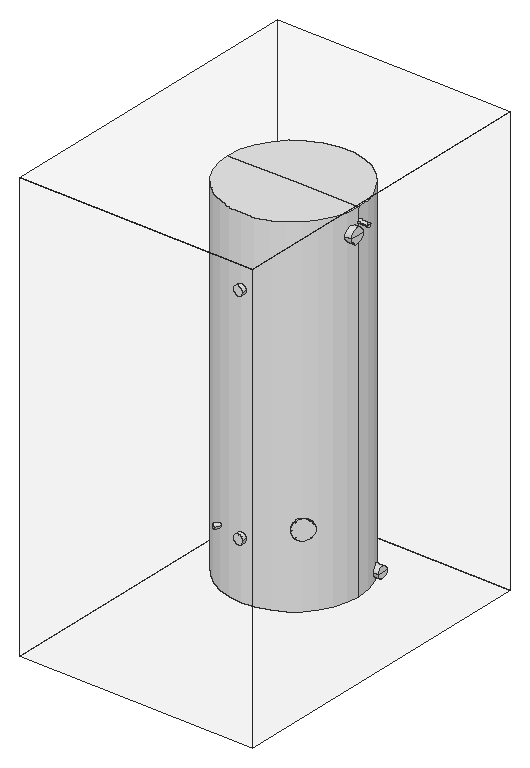
Revit family "ECOflo_EC380-980_LOD200", category Mechanical Equipment, Revit 2014
Parameters (values of type "Direct Gas Fired Water Storage Heater 380/980")
  Weight (Full) (kg) = 788  # constant formula
  Weekly = "Maintenance tasks or SFG2012 codes. If Not Applicable Mark '0'"
  Warranty ID = ""
  Voltage = 240 V
  URL = "http://www.andrewswaterheaters.co.uk/index.htm"
  Type = "Direct Gas Fired Water Storage Heater"  # constant formula
  Supply Phase = "Single Phase"  # constant formula
  Storage Capacity = 380.000 L  # constant formula
  Shipping Weight = 408.00 kg  # constant formula
  Shipping Carton Width = 819 mm  # constant formula
  Shipping Carton Length = 889 mm  # constant formula
  Shipping Carton Height = 2197 mm  # constant formula
  Shape = "Cylindrical (Vertical)"  # constant formula
  Secondary Return Connection Type = "Socket"  # constant formula
  Secondary Return Connection Size = 19.1 mm  # constant formula
  Secondary Return Connection Radius = Secondary Return Connection Size / 2  # 9.55 mm
  Safety Valve Connection Type = "Threaded"  # constant formula
  Safety Valve Connection Size = 28 mm  # constant formula
  Responsible Sourcing of Materials = "Endorsing Body"
  Responsible Extraction of Materials = yes
  Reference Standard = "BSE 89"  # constant formula
  Recovery Rate litre/min = "16"  # constant formula
  Quarterly = "Maintenance tasks or SFG2012 codes. If Not Applicable Mark '0'"
  Product Range = "ECOflo"  # constant formula
  Power Consumption of Shunt Pump = 0 W
  Power Consumption (W) = 210  # constant formula
  Power Connector = yes
  Overall Width = 0 mm  # constant formula
  Overall Length = 0 mm  # constant formula
  Overall Height = 1972 mm  # constant formula
  Overall Diameter = 718 mm  # constant formula
  Operation = "On/Off"  # constant formula
  Oil Flow Rate kg/h = "0"  # constant formula
  Oil Consumption Rate l/h = "0"  # constant formula
  O&M Manual = "http://www.andrewswaterheaters.co.uk/literature-library/current-products.htm"
  Number of Poles = 1
  Nominal Oil Inlet Pressure mbar [instance] = "0"  # constant formula
  Nominal Gas Inlet Pressure = "21"  # constant formula
  Nett Weight = 408.00 kg  # constant formula
  Mounting = "Floor Standing"  # constant formula
  Monthly = "Maintenance tasks required during this time frame. If Not Applicable Mark '0'"
  Model = "EC380/980"  # constant formula
  Minimum Power Consumption = 120 W
  Minimum Oil Inlet Pressure mbar = "0"  # constant formula
  Minimum Gas Inlet Pressure mbar = "18"  # constant formula
  Min Operating Pressure mbar = "1"  # constant formula
  Maximum Water Temperature = 70 °C  # constant formula
  Maximum Starting Current = 4 A
  Maximum Power Consumption = 120 W
  Maximum Oil Inlet Pressure mbar = "0"  # constant formula
  Maximum Gas Inlet Pressure mbar = "40"  # constant formula
  Max Operating Pressure When Unvented = 3.5 bar  # constant formula
  Max Operating Pressure When Open Vented = 10.3 bar  # constant formula
  Material Ingredient Reporting = ""
  Manufacturer = "Andrews Water Heaters"  # constant formula
  Maintenance Required 8001-12000hrs = "Maintenance tasks required during this time frame. If Not Applicable Mark '0'"
  Maintenance Required 601-1000hrs = "Maintenance tasks required during this time frame. If Not Applicable Mark '0'"
  Maintenance Required 40001-8000hrs = "Maintenance tasks required during this time frame. If Not Applicable Mark '0'"
  Maintenance Required 2001-4000hrs = "Maintenance tasks required during this time frame. If Not Applicable Mark '0'"
  Maintenance Required 1001-2000hrs = "Maintenance tasks required during this time frame. If Not Applicable Mark '0'"
  Maintenance Required 0-300hrs = "Maintenance tasks required during this time frame. If Not Applicable Mark '0'"
  Location of Manufacturer-GridRef = "Northing,Easting"
  Load Sub-Classification Motor = yes
  Life Cycle Analysis = "BREEAM"
  Interlocks = yes
  Insulation Type = "Foam Injected"  # constant formula
  Insulation Thickness = 50 mm  # constant formula
  Hot Water Recovery (Thru 50ºC) (Litres/Hour) = 980  # constant formula
  Hot Water Outlet Radius = Hot Water Outlet / 2  # 19.05 mm
  Hot Water Outlet = 38.1 mm  # constant formula
  Heat Up Time mins = "23"  # constant formula
  Heat Loss kWh/24h = "7.09"  # constant formula
  Heat Generator Efficiency = "98%"  # constant formula
  Heat Exchanger Material = Steel Glass Lined
  Gross Weight = 760.00 kg  # constant formula
  Gross Input Of Appliance = 58.3 kW  # constant formula
  Green Guide for Specification = "A - E"
  Gas Flow Rate = 5.43 m³/h  # constant formula
  Gas Consumption rate = 5.43 m³/h  # constant formula
  Fuse Rating = 5 A
  Full Load Current = 3 A
  Fuel Connection Type = "External"  # constant formula
  Fuel Connection Size = 19.1 mm  # constant formula
  Fuel Connection Radius = Fuel Connection Size / 2  # 9.55 mm
  Fuel = "Gas - NG"  # constant formula
  Frequency = 50 Hz
  Flue or Air Intake Classification = "B23, C13, C33 & C53"  # constant formula
  Flue Connection Type = "External"  # constant formula
  Flue Connection Size = 150 mm  # constant formula
  Flow and Return Connection Type = "Threaded"  # constant formula
  Flow and Return Connection Size = 38.1 mm  # constant formula
  Flow and Return Connection Radius = Flow and Return Connection Size / 2  # 19.05 mm
  Finish = "Painted"  # constant formula
  Features = "Forced Draught Premix Condensing"  # constant formula
  External Material = Aluminium
  Expected Life = ""
  ErP Energy Label = yes
  Environmental Product Declaration = "3rd Party Verification"
  Energy Technology List = yes
  Enclosure Rating = "20"  # constant formula
  Emissions mg/kWh = "44"  # constant formula
  Embodied Carbon kgCO2e = "University of Bath ICE Data if none other available"
  Duct Connector Radius [instance] = if([100mm Flue], 50 mm, if([150mm Flue], 75 mm, 0 mm))  # 0 mm
  Efficiency (Gross) (%) = 98  # constant formula
  Drain Connection Type = "Socket"  # constant formula
  Drain Connection Size = 19.1 mm  # constant formula
  Drain Connection Radus = Drain Connection Size / 2  # 9.55 mm
  Description = "Condensing Storage Water Heater"  # constant formula
  Daily = "Maintenance tasks or SFG2012 codes. If Not Applicable Mark '0'"
  Control Type = "Internal"  # constant formula
  Control ThermostatRange = 5 °C  # constant formula
  Continuous Output at 50 Degree Differential l/h = "979"  # constant formula
  Continuous Output at 44 Degree Differential l/h = "1112"  # constant formula
  Condensing = yes
  Condensate Drain Size = 40 mm  # constant formula
  Condensate Drain Radius = Condensate Drain Size / 2  # 20 mm
  Colour = "Black & Grey (RAL 7047)"  # constant formula
  Cold Water Outlet Radius = Cold Water Outlet / 2  # 19.05 mm
  Cold Water Outlet = 38.1 mm  # constant formula
  Clearance Box Visibility [instance] = yes
  Clean Out and Inspection Opening Type = "Flanged"  # constant formula
  CE Approval = "Yes - 0063BP3567"  # constant formula
  Bespoke Timeframe = "Maintenance tasks or SFG2012 codes. If Not Applicable Mark '0'"
  BMS Links = yes
  Assembly Code = "D3010"
  Annually = "Maintenance tasks or SFG2012 codes. If Not Applicable Mark '0'"
  Air Inlet Connection Type = "External"  # constant formula
  Air Inlet Connection Size = 100 mm  # constant formula
  Air Inlet Connection Radius = Air Inlet Connection Size / 2  # 50 mm
  Access Clearance Top = 450 mm  # constant formula
  Access Clearance Right = 500 mm  # constant formula
  Access Clearance Rear = 100 mm  # constant formula
  Access Clearance Left = 100 mm  # constant formula
  Access Clearance Front = 1000 mm  # constant formula
  Access Clearance Bottom = 0 mm  # constant formula
  6 Monthly = "Maintenance tasks or SFG2012 codes. If Not Applicable Mark '0'"
  100mm Flue [instance] = no
  150mm Flue [instance] = no
Reference planes
  plane 1 "Center (Front/Back)": y = 0
  plane 2: z = 0
  plane 3 "Center (Left/Right)": x = 0
  plane 4: x = -359
  plane 5: x = 359
  plane 6: y = 359
  plane 7: y = -359
  plane 8: z = 1972
  plane 9: z = 986
  plane 10: y = 459
  plane 11: y = -1359
  plane 12: x = -459
  plane 13: x = 859
  plane 14: z = 2422
  plane 15: z = 0
Forms (mm)
  Extrusion 1, solid, material "Glass - Clear - Amber", visible <- "Clearance Box Visibility"
    sketch origin (414.198, -1524, 1015) x (0, -1, 0) y (1, 0, 0)
      loop
        line (-1983, -873.198) -> (-165, -873.198) -> (-165, 444.802) -> (-1983, 444.802) -> (-1983, -873.198)
    from -1015 to 1407
Dimensions and locks
  equal spacing: plane 7, plane 1 "Center (Front/Back)", plane 6
  "Overall Diameter": plane 7 to plane 6
  "Overall Diameter": plane 4 to plane 5
  equal spacing: plane 4, plane 3 "Center (Left/Right)", plane 5
  "Overall Height": plane 8 to level
  equal spacing: plane 8, plane 9, level
  "Access Clearance Rear": plane 10 to plane 6
  "Access Clearance Front": plane 11 to plane 7
  "Access Clearance Left": plane 12 to plane 4
  "Access Clearance Right": plane 5 to plane 13
  "Access Clearance Top": plane 14 to plane 8
  "Access Clearance Bottom": level to plane 15
  aligned and locked: level to plane 2
  aligned and locked: plane 3 "Center (Left/Right)" to nested 1
  aligned and locked: level to nested 1
  aligned and locked: plane 12 to Extrusion 1 sketch curve
  aligned and locked: plane 10 to Extrusion 1 sketch curve
  aligned and locked: Extrusion 1 sketch curve to plane 13
  aligned and locked: Extrusion 1 sketch curve to plane 11
  aligned and locked: Extrusion 1 to plane 15
  aligned and locked: plane 14 to Extrusion 1
Nested families
  nested 1: "Condensing Storage Water Heater" at (0, 0, 0), 100mm Flue <- "100mm Flue", 150mm Flue <- "150mm Flue", type "EC380-980"
    with Duct Connector Radius 0 mm, 150mm Flue no, 100mm Flue no
Connectors
  piping at (425.131, 0, 1898.972), diameter 19.1, driven by "Fuel Connection Radius"
    settings: on nested 1, index 1, connector inside diameter 609.6 mm, connector length 0 mm, flow factor 0, pipe flow 0.000 m³/h, pressure drop 0.0 bar, fitting loss kfactor 0, connector angle 0.00°, fixture units 0, engagement length 0 mm, angle of deflection 0.00°, flow configuration 0, flow direction 1, fitting loss method 0, system type 7, joint type 0, gender type 0, connector reference index -1, connector utility 1, adjustable connector no, is connector primary yes, connector description "Gas Connection"
  piping at (400.144, -50, 1857), diameter 100, driven by "Air Inlet Connection Radius"
    settings: on nested 1, index 2, connector inside diameter 609.6 mm, connector length 0 mm, flow factor 0, pipe flow 0.000 m³/h, pressure drop 0.0 bar, fitting loss kfactor 0, connector angle 0.00°, fixture units 0, engagement length 0 mm, angle of deflection 0.00°, flow configuration 0, flow direction 1, fitting loss method 0, system type 7, joint type 0, gender type 0, connector reference index -1, connector utility 1, adjustable connector no, is connector primary no, connector description "Combustion Air Inlet"
  piping at (0, -390, 1588.024), diameter 38.1, driven by "Hot Water Outlet Radius"
    settings: on nested 1, index 3, connector inside diameter 609.6 mm, connector length 0 mm, flow factor 0, pipe flow 0.000 m³/h, pressure drop 0.0 bar, fitting loss kfactor 0, connector angle 0.00°, fixture units 0, engagement length 0 mm, angle of deflection 0.00°, flow configuration 0, flow direction 2, fitting loss method 0, system type 19, joint type 0, gender type 0, connector reference index -1, connector utility 1, adjustable connector no, is connector primary no, connector description "Hot Water Outlet"
  piping at (-157.084, -368.612, 329.951), diameter 19.1, driven by "Secondary Return Connection Radius"
    settings: on nested 1, index 4, connector inside diameter 609.6 mm, connector length 0 mm, flow factor 0, pipe flow 0.000 m³/h, pressure drop 0.0 bar, fitting loss kfactor 0, connector angle 0.00°, fixture units 0, engagement length 0 mm, angle of deflection 0.00°, flow configuration 0, flow direction 2, fitting loss method 0, system type 16, joint type 0, gender type 0, connector reference index -1, connector utility 1, adjustable connector no, is connector primary no, connector description "Drain/Secondary Return Connection"
  piping at (0, -390, 330.224), diameter 38.1, driven by "Cold Water Outlet Radius"
    settings: on nested 1, index 5, connector inside diameter 609.6 mm, connector length 0 mm, flow factor 0, pipe flow 0.000 m³/h, pressure drop 0.0 bar, fitting loss kfactor 0, connector angle 0.00°, fixture units 0, engagement length 0 mm, angle of deflection 0.00°, flow configuration 0, flow direction 2, fitting loss method 0, system type 20, joint type 0, gender type 0, connector reference index -1, connector utility 1, adjustable connector no, is connector primary no, connector description "Cold Water Outlet"
  piping at (374.262, 160.041, 52.5), diameter 40, driven by "Condensate Drain Radius"
    settings: on nested 1, index 6, connector inside diameter 609.6 mm, connector length 0 mm, flow factor 0, pipe flow 0.000 m³/h, pressure drop 0.0 bar, fitting loss kfactor 0, connector angle 0.00°, fixture units 0, engagement length 0 mm, angle of deflection 0.00°, flow configuration 0, flow direction 2, fitting loss method 0, system type 8, joint type 0, gender type 0, connector reference index -1, connector utility 1, adjustable connector no, is connector primary no, connector description "Flue Exhaust/Condense Outlet"
  electrical at (0, 0, 1972), driven by "Number of Poles", driven by "Load Sub-Classification Motor", driven by "Voltage", driven by "Gross Input Of Appliance", driven by "Power Connector"
    settings: on nested 1, index 7, voltage 240 V, apparent load 58300 VA, apparent load phase1 0 VA, apparent load phase2 0 VA, apparent load phase3 0 VA, power factor 1, load classification "Power", number of poles 1, system type 30, power factor state 1, is connector primary yes, connector utility yes, sub classification motor yes, connector description "ON/OFF Switch"
Definition of nested family "Condensing Storage Water Heater"
  Parameters (values of type "EC380-980")
    Weight (Full) (kg) = 788
    URL = "http://www.andrewswaterheaters.co.uk/products_details.php?product=ECOflo"
    Power Consumption (W) = 210
    Model = "EC380/980"
    Manufacturer = "Andrews Water Heaters"
    Hot Water Recovery (Thru 50ºC) (Litres/Hour) = 980
    External Material = Aluminium
    Duct Connector Radius [instance] = if([100mm Flue], 50 mm, if([150mm Flue], 75 mm, 0 mm))  # 0 mm
    Efficiency (Gross) (%) = 98
    Description = "Condensing Storage Water Heater"
    100mm Flue [instance] = no
    150mm Flue [instance] = no
  Reference planes
    plane 1 "Center (Front/Back)": y = 0
    plane 2: z = 0
    plane 3 "Center (Left/Right)": x = 0
  Forms (mm)
    Revolve 1, solid, material "Aluminium" <- "External Material"
      sketch origin (0, 0, 0) x (1, 0, 0) y (0, 0, 1)
        loop
          line (0, 0) -> (369, 0) -> (369, 1972) -> (0, 1972) -> (0, 0)
        axis (0, 1972) -> (0, 0)
      angle from 0 to 360
    Revolve 2, solid, material "Aluminium" <- "External Material"
      sketch origin (-5.04, 0, 1898.972) x (1, 0, 0) y (0, 1, 0)
        loop
          line (340.314, 10) -> (340.314, 0) -> (430.171, 0) -> (430.171, 10) -> (340.314, 10)
        axis (340.314, 0) -> (430.171, 0)
      angle from 0 to 360
    Revolve 3, solid, material "Aluminium" <- "External Material"
      sketch origin (1.144, 0, 1857) x (1, 0, 0) y (0, 1, 0)
        loop
          line (342.577, -90) -> (399, -90) -> (399, -50) -> (342.577, -50) -> (342.577, -90)
        axis (342.577, -50) -> (399, -50)
      angle from 0 to 360
    Revolve 4, solid, material "Aluminium" <- "External Material"
      sketch origin (-40.779, 210.041, 52.5) x (1, 0, 0) y (0, 1, 0)
        loop
          line (350.616, -80) -> (415.041, -80) -> (415.041, -50) -> (342.577, -50)
          arc (342.577, -50) -> (344.622, -65.529) -> (350.616, -80) r 60
        axis (342.577, -50) -> (415.041, -50)
      angle from 0 to 360
    Extrusion 5, solid, material "Aluminium" <- "External Material"
      sketch origin (0, -310, 0.2) x (1, 0, 0) y (0, 0, 1)
        loop
          circle (0, 1587.824) r 26
        loop
          circle (0, 330.024) r 26
      from 34.865 to 80
    Revolve 6, solid, material "Aluminium" <- "External Material"
      sketch origin (5.585, 0, 329.951) x (1, 0, 0) y (0, 1, 0)
        loop
          line (-135.475, -330.648) -> (-144.711, -326.814) -> (-162.668, -368.612) -> (-152.912, -372.661) -> (-135.475, -330.648)
        axis (-144.662, -326.701) -> (-162.668, -368.612)
      angle from 0 to 360
    Extrusion 7, solid, material "Aluminium" <- "External Material"
      sketch origin (239.144, -236.471, -10) x (0.707107, 0.707107, 0) y (0, 0, 1)
        loop
          circle (-1.891, 429) r 55
        loop
          circle (-51.891, 429) r 1.5
        loop
          circle (48.109, 429) r 1.5
        loop
          circle (-34.694, 466.735) r 1.5
        loop
          circle (30.912, 466.735) r 1.5
        loop
          circle (-34.694, 391.265) r 1.5
        loop
          circle (30.912, 391.265) r 1.5
      from 13.27 to 45
  Cuts and joins
    joined: Revolve 1, Revolve 2, Revolve 3, Revolve 4, Extrusion 5, Revolve 6, Extrusion 7
  Dimensions and locks
    aligned and locked: level to plane 2
